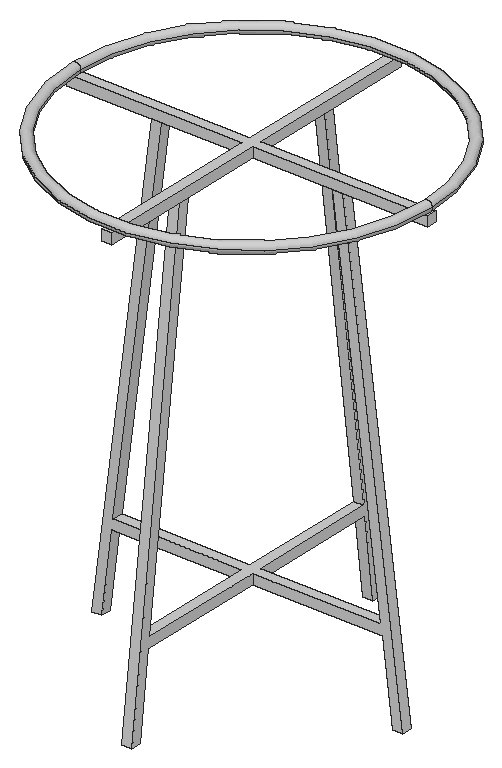
Revit family "CH", category Specialty Equipment, Revit 2012
Parameters (values of type "Circular Hanging Rack (Default)")
  Width = 3' - 0"
  URL = "http://madixinc.com/display/freestanding.html"
  Model = "Circlular Hanging Rack"
  Manufacturer = "© 2012 Madix, Inc. All rights reserved."
  Height = 4' - 0"
Reference planes (in)
  plane 1 "Center (Front/Back)": y = 0
  plane 2: z = 0
  plane 3 "Center (Left/Right)": x = 0
  plane 4: x = -18
  plane 5: x = 18
  plane 6: y = 18
  plane 7: y = -18
  plane 8: z = 48
  plane 9: z = 47
  plane 10: z = 46
  plane 11: z = 8
  plane 12: z = 9
  plane 13: x = -13.45229
  plane 14: x = 13.45229
  plane 15: y = 13.44809
  plane 16: y = -13.44809
Forms (in)
  Extrusion 1, solid, material "Metal - Steel"
    sketch origin (0, 0, 0) x (1, 0, 0) y (0, 1, 0)
      loop
        line (-0.5, 0.5) -> (-18, 0.5) -> (-18, -0.5) -> (-0.5, -0.5) -> (-0.5, -18) -> (0.5, -18) -> (0.5, -0.5) -> (18, -0.5) -> (18, 0.5) -> (0.5, 0.5) -> (0.5, 18) -> (-0.5, 18) -> (-0.5, 0.5)
    from 47 to 46
  Revolve 2, solid, material "Metal - Steel"
    sketch origin (0, 0, 0) x (1, 0, 0) y (0, 0, 1)
      loop
        circle (-17.5, 47.5) r 0.5
      axis (0, 47.5) -> (0, 47.46063)
    angle from 0 to 360
  Extrusion 3, solid, material "Metal - Steel"
    sketch origin (0, 0, 0) x (1, 0, 0) y (0, 0, 1)
      loop
        line (-8.50424, 46) -> (-9.50424, 46) -> (-15.50696, 0) -> (-14.50696, 0) -> (-13.463, 8) -> (13.45229, 8) -> (14.49576, 0) -> (15.49576, 0) -> (9.49053, 46) -> (8.49156, 46) -> (13.32185, 9) -> (-13.33032, 9) -> (-8.50424, 46)
    from -0.5 to 0.5
  Extrusion 4, solid, material "Metal - Steel"
    sketch origin (0, 0.01086, 0) x (0, 1, 0) y (0, 0, 1)
      loop
        line (-8.50424, 46) -> (-9.50424, 46) -> (-15.50696, 0) -> (-14.50696, 0) -> (-13.463, 8) -> (13.45229, 8) -> (14.49576, 0) -> (15.49576, 0) -> (9.49053, 46) -> (8.49156, 46) -> (13.32185, 9) -> (-13.33032, 9) -> (-8.50424, 46)
    from -0.5 to 0.5
Cuts and joins
  joined: Extrusion 3, Extrusion 4
Dimensions and locks (in)
  equal spacing: plane 4, plane 3 "Center (Left/Right)", plane 5
  "Width": plane 4 to plane 5
  equal spacing: plane 6, plane 1 "Center (Front/Back)", plane 7
  "Width": plane 6 to plane 7
  locked: plane 14 to plane 5 at 4.54771
  locked: plane 4 to plane 13 at 4.54771
  locked: plane 6 to plane 15 at 4.55191
  locked: plane 7 to plane 16 at 4.55191
  "Height": plane 8 to level
  plane 8 to plane 9 to plane 10 = 0' - 1" locked, 0' - 1" locked
  aligned and locked: level to plane 2
  aligned and locked: plane 9 to Extrusion 1
  aligned and locked: plane 10 to Extrusion 1
Automatic sketch dimensions
  Extrusion 1 sketch curve to plane 4 = 0' - 0"
  Extrusion 1 sketch curve to plane 6 = 0' - 0"
  plane 7 to Extrusion 1 sketch curve = 0' - 0"
  Extrusion 1 sketch curve to plane 5 = 0' - 0"
  Extrusion 1 sketch curve to plane 3 "Center (Left/Right)" = 0' - 0 1/2"  (x2)
  plane 3 "Center (Left/Right)" to Extrusion 1 sketch curve = 0' - 0 1/2"  (x2)
  plane 1 "Center (Front/Back)" to Extrusion 1 sketch curve = 0' - 0 1/2"  (x2)
  Extrusion 1 sketch curve to plane 1 "Center (Front/Back)" = 0' - 0 1/2"  (x2)
  Revolve 2 sketch curve to plane 3 "Center (Left/Right)" = 0' - 0"
  plane 4 to Revolve 2 sketch curve = 0' - 0 1/2"
  plane 10 to Revolve 2 sketch curve = 0' - 4 1/2"
  Revolve 2 sketch curve to plane 8 = 0' - 0 1/2"
  plane 8 to Revolve 2 sketch curve = 0' - 2 1/4"
  Extrusion 3 sketch curve to level = 0' - 0"  (x2)
  Extrusion 3 sketch curve to plane 11 = 0' - 0"
  Extrusion 3 sketch curve to plane 12 = 0' - 0"
  Extrusion 3 sketch curve to plane 10 = 0' - 0"  (x2)
  Extrusion 3 sketch curve to plane 14 = 0' - 0"
  Extrusion 3 sketch curve to plane 14 = 0' - 0.13043"
  Extrusion 3 sketch curve to plane 14 = 0' - 3.96175"
  Extrusion 3 sketch curve to Extrusion 3 sketch curve = 0' - 0.99898"
  Extrusion 3 sketch curve to plane 13 = 0' - 4.94805"
  Extrusion 3 sketch curve to Extrusion 3 sketch curve = 0' - 1"  (x3)
  Extrusion 3 sketch curve to plane 13 = 0' - 0.12196"
  plane 13 to Extrusion 3 sketch curve = 0' - 0.01072"
  plane 13 to Extrusion 3 sketch curve = 0' - 1 7/128"
  plane 14 to Extrusion 3 sketch curve = 0' - 1.04348"
  Extrusion 4 sketch curve to level = 0' - 0"  (x2)
  Extrusion 4 sketch curve to plane 11 = 0' - 0"
  Extrusion 4 sketch curve to plane 12 = 0' - 0"
  plane 10 to Extrusion 4 sketch curve = 0' - 0"  (x2)
  plane 16 to Extrusion 4 sketch curve = 0' - 2.04801"
  Extrusion 4 sketch curve to Extrusion 4 sketch curve = 0' - 1"  (x3)
  plane 16 to Extrusion 4 sketch curve = 0' - 0.00406"
  Extrusion 4 sketch curve to plane 16 = 0' - 0.12863"
  Extrusion 4 sketch curve to plane 16 = 0' - 3.95471"
  Extrusion 4 sketch curve to plane 15 = 0' - 4.94567"
  Extrusion 4 sketch curve to Extrusion 4 sketch curve = 0' - 0.99898"
  Extrusion 4 sketch curve to plane 15 = 0' - 0.11537"
  plane 15 to Extrusion 4 sketch curve = 0' - 0.01506"
  plane 15 to Extrusion 4 sketch curve = 0' - 1.05854"
  radius of Revolve 2 sketch curve = 0' - 0 1/2"
